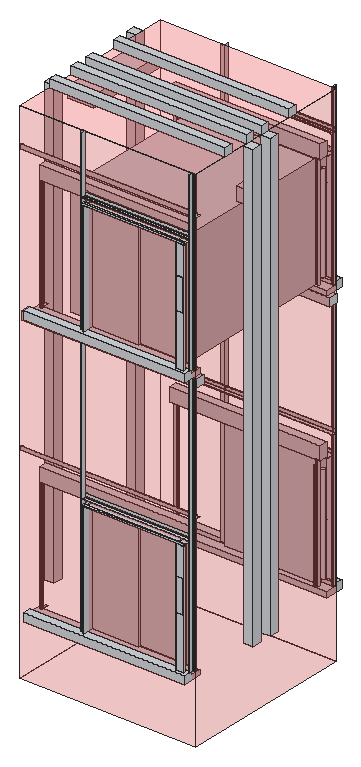
Revit family "TSF1500-2S-2方向", category 一般モデル, Revit 2018
Family settings
  鉄筋をホスト可能 = いいえ
  丸型コネクタ寸法 = 直径を使用
  パーツ タイプ = 標準
  作業面ベース = いいえ
  常に垂直 = はい
  ロード時にボイドで切り取り = いいえ
  共有 = いいえ
  部屋計算ポイント = いいえ
Parameters
  昇降行程 = 5000 mm
Reference planes
  plane 1 "レール芯": y = 0
  plane 2 "最下階FL": z = 0
  plane 3 "かご芯": x = 0
  plane 4: z = 5000
  plane 5 "ピット底面": z = -1250
  plane 6: z = 8250
  plane 7: z = 2540
Forms (mm)
  Extrusion 1, solid
    sketch origin (-115, 140, 0) x (1, 0, 0) y (0, 1, 0)
      loop
        line (-1765, 1725) -> (-1765, -1535) -> (1485, -1535) -> (1485, 1725) -> (-1765, 1725)
    from -1250 to 8250
  Extrusion 2, solid
    sketch origin (-188.849, -187.656, 5000) x (1, 0, 0) y (0, 1, 0)
      loop
        line (-941.151, 1842.656) -> (-941.151, -967.344) -> (1318.849, -967.344) -> (1318.849, 1842.656) -> (-941.151, 1842.656)
    from 0 to 2100
  Extrusion 3, solid
    sketch origin (-435.1, 4, 0) x (1, 0, 0) y (0, 1, 0)
      loop
        line (-1189.384, 890.997) -> (-1189.384, 260.997) -> (-753.884, 260.997) -> (-753.884, 890.997) -> (-1189.384, 890.997)
    from -1250 to -252.5
  Extrusion 4, solid
    sketch origin (-180.164, -13.256, 0) x (1, 0, 0) y (0, 1, 0)
      loop
        line (1550.164, 300.756) -> (1550.164, 125.756) -> (1725.164, 125.756) -> (1725.164, 300.756) -> (1550.164, 300.756)
    from 0 to 8250
  Extrusion 5, solid
    sketch origin (-180.164, -413.256, 0) x (1, 0, 0) y (0, 1, 0)
      loop
        line (1550.164, 300.756) -> (1550.164, 125.756) -> (1725.164, 125.756) -> (1725.164, 300.756) -> (1550.164, 300.756)
    from 0 to 8250
  Extrusion 6, solid
    sketch origin (593.997, 963.69, 0) x (1, 0, 0) y (0, 1, 0)
      loop
        line (-2648.997, 493.81) -> (-2648.997, 318.81) -> (-2473.997, 318.81) -> (-2473.997, 493.81) -> (-2648.997, 493.81)
    from 0 to 8250
  Extrusion 7, solid
    sketch origin (593.997, -936.31, 0) x (1, 0, 0) y (0, 1, 0)
      loop
        line (-2648.997, 493.81) -> (-2648.997, 318.81) -> (-2473.997, 318.81) -> (-2473.997, 493.81) -> (-2648.997, 493.81)
    from 0 to 8250
  Extrusion 8, solid
    sketch origin (388.648, -559, 7950) x (1, 0, 0) y (0, 1, 0)
      loop
        line (-2211.148, 1758) -> (-2211.148, 200) -> (-1738.648, 200) -> (-1738.648, 1758) -> (-2211.148, 1758)
    from 0 to 200
  Extrusion 9, solid
    sketch origin (-239.764, 1365.017, 7235) x (1, 0, 0) y (0, 1, 0)
      loop
        line (1413.764, -985.017) -> (1413.764, -1575.017) -> (1593.764, -1575.017) -> (1593.764, -985.017) -> (1413.764, -985.017)
    from 0 to 250
  Extrusion 10, solid
    sketch origin (0, -154.792, -183.066) x (0, 1, 0) y (0, 0, 1)
      loop
        line (279.792, 8583.066) -> (279.792, 8433.066) -> (429.792, 8433.066) -> (429.792, 8583.066) -> (279.792, 8583.066)
    from -1880 to 1370
  Extrusion 11, solid
    sketch origin (0, -494.792, -183.066) x (0, 1, 0) y (0, 0, 1)
      loop
        line (279.792, 8583.066) -> (279.792, 8433.066) -> (429.792, 8433.066) -> (429.792, 8583.066) -> (279.792, 8583.066)
    from -1880 to 1370
  Extrusion 12, solid
    sketch origin (0, -994.792, -183.066) x (0, 1, 0) y (0, 0, 1)
      loop
        line (279.792, 8583.066) -> (279.792, 8433.066) -> (429.792, 8433.066) -> (429.792, 8583.066) -> (279.792, 8583.066)
    from -1880 to 1370
  Extrusion 13, solid
    sketch origin (0, 485.208, -183.066) x (0, 1, 0) y (0, 0, 1)
      loop
        line (279.792, 8583.066) -> (279.792, 8433.066) -> (429.792, 8433.066) -> (429.792, 8583.066) -> (279.792, 8583.066)
    from -1880 to 1370
  Extrusion 14, solid
    sketch origin (0, -537.235, 116.596) x (0, 1, 0) y (0, 0, 1)
      loop
        line (-827.765, 4733.404) -> (-827.765, 4583.404) -> (-677.765, 4583.404) -> (-677.765, 4733.404) -> (-827.765, 4733.404)
    from -1880 to 1370
  Extrusion 15, solid
    sketch origin (27.352, -214.415, 0) x (1, 0, 0) y (0, 1, 0)
      loop
        arc (-734.852, -1180.585) -> (-728.842, -1183.075) -> (-726.352, -1189.085) r 8.5
        line (-726.352, -1189.085) -> (-726.352, -1240.585)
        arc (-726.352, -1240.585) -> (-724.595, -1244.828) -> (-720.352, -1246.585) r 6
        line (-720.352, -1246.585) -> (-717.352, -1246.585) -> (-717.352, -1171.585) -> (-792.352, -1171.585) -> (-792.352, -1174.585)
        arc (-792.352, -1174.585) -> (-790.595, -1178.828) -> (-786.352, -1180.585) r 6
        line (-786.352, -1180.585) -> (-734.852, -1180.585)
    from 0 to 4850
  Extrusion 16, solid
    sketch origin (572.648, -214.415, 5000) x (-1, 0, 0) y (0, -1, 0)
      loop
        arc (-786.352, 1180.585) -> (-790.595, 1178.828) -> (-792.352, 1174.585) r 6
        line (-792.352, 1174.585) -> (-792.352, 1171.585) -> (-717.352, 1171.585) -> (-717.352, 1246.585) -> (-720.352, 1246.585)
        arc (-720.352, 1246.585) -> (-724.595, 1244.828) -> (-726.352, 1240.585) r 6
        line (-726.352, 1240.585) -> (-726.352, 1189.085)
        arc (-726.352, 1189.085) -> (-728.842, 1183.075) -> (-734.852, 1180.585) r 8.5
        line (-734.852, 1180.585) -> (-786.352, 1180.585)
    from 0 to 3250
  Extrusion 17, solid
    sketch origin (27.352, -214.415, 5000) x (1, 0, 0) y (0, 1, 0)
      loop
        arc (-734.852, -1180.585) -> (-728.842, -1183.075) -> (-726.352, -1189.085) r 8.5
        line (-726.352, -1189.085) -> (-726.352, -1240.585)
        arc (-726.352, -1240.585) -> (-724.595, -1244.828) -> (-720.352, -1246.585) r 6
        line (-720.352, -1246.585) -> (-717.352, -1246.585) -> (-717.352, -1171.585) -> (-792.352, -1171.585) -> (-792.352, -1174.585)
        arc (-792.352, -1174.585) -> (-790.595, -1178.828) -> (-786.352, -1180.585) r 6
        line (-786.352, -1180.585) -> (-734.852, -1180.585)
    from 0 to 3250
  Extrusion 18, solid
    sketch origin (0, -3561.272, 935.614) x (0, 0, -1) y (0, 1, 0)
      loop
        arc (-1319.386, 2172.272) -> (-1317.628, 2168.029) -> (-1313.386, 2166.272) r 6
        line (-1313.386, 2166.272) -> (-1261.886, 2166.272)
        arc (-1261.886, 2166.272) -> (-1255.875, 2163.782) -> (-1253.386, 2157.772) r 8.5
        line (-1253.386, 2157.772) -> (-1253.386, 2106.272)
        arc (-1253.386, 2106.272) -> (-1251.628, 2102.029) -> (-1247.386, 2100.272) r 6
        line (-1247.386, 2100.272) -> (-1244.386, 2100.272) -> (-1244.386, 2175.272) -> (-1319.386, 2175.272) -> (-1319.386, 2172.272)
    from -690 to 1290
  Extrusion 19, solid
    sketch origin (0, -3561.272, 5935.614) x (0, 0, -1) y (0, 1, 0)
      loop
        line (-1244.386, 2100.272) -> (-1244.386, 2175.272) -> (-1319.386, 2175.272) -> (-1319.386, 2172.272)
        arc (-1319.386, 2172.272) -> (-1317.628, 2168.029) -> (-1313.386, 2166.272) r 6
        line (-1313.386, 2166.272) -> (-1261.886, 2166.272)
        arc (-1261.886, 2166.272) -> (-1255.875, 2163.782) -> (-1253.386, 2157.772) r 8.5
        line (-1253.386, 2157.772) -> (-1253.386, 2106.272)
        arc (-1253.386, 2106.272) -> (-1251.628, 2102.029) -> (-1247.386, 2100.272) r 6
        line (-1247.386, 2100.272) -> (-1244.386, 2100.272)
    from -690 to 1290
  Extrusion 20, solid
    sketch origin (0, 783.272, 6295.614) x (0, 0, -1) y (0, 1, 0)
      loop
        line (-1244.386, -2094.272) -> (-1247.386, -2094.272)
        arc (-1247.386, -2094.272) -> (-1251.628, -2096.029) -> (-1253.386, -2100.272) r 6
        line (-1253.386, -2100.272) -> (-1253.386, -2151.772)
        arc (-1253.386, -2151.772) -> (-1255.875, -2157.782) -> (-1261.886, -2160.272) r 8.5
        line (-1261.886, -2160.272) -> (-1313.386, -2160.272)
        arc (-1313.386, -2160.272) -> (-1317.628, -2162.029) -> (-1319.386, -2166.272) r 6
        line (-1319.386, -2166.272) -> (-1319.386, -2169.272) -> (-1244.386, -2169.272) -> (-1244.386, -2094.272)
    from -1880 to 1370
  Extrusion 21, solid
    sketch origin (572.648, -214.415, 0) x (-1, 0, 0) y (0, -1, 0)
      loop
        line (-734.852, 1180.585) -> (-786.352, 1180.585)
        arc (-786.352, 1180.585) -> (-790.595, 1178.828) -> (-792.352, 1174.585) r 6
        line (-792.352, 1174.585) -> (-792.352, 1171.585) -> (-717.352, 1171.585) -> (-717.352, 1246.585) -> (-720.352, 1246.585)
        arc (-720.352, 1246.585) -> (-724.595, 1244.828) -> (-726.352, 1240.585) r 6
        line (-726.352, 1240.585) -> (-726.352, 1189.085)
        arc (-726.352, 1189.085) -> (-728.842, 1183.075) -> (-734.852, 1180.585) r 8.5
    from 0 to 4850
  Extrusion 22, solid
    sketch origin (0, -200, 0) x (0, 1, 0) y (0, 0, 1)
      loop
        line (-1177, 2557.5) -> (-1177, 2609)
        arc (-1177, 2609) -> (-1178.757, 2613.243) -> (-1183, 2615) r 6
        line (-1183, 2615) -> (-1186, 2615) -> (-1186, 2540) -> (-1111, 2540) -> (-1111, 2543)
        arc (-1111, 2543) -> (-1112.757, 2547.243) -> (-1117, 2549) r 6
        line (-1117, 2549) -> (-1168.5, 2549)
        arc (-1168.5, 2549) -> (-1174.51, 2551.49) -> (-1177, 2557.5) r 8.5
    from -1880 to 1370
  Extrusion 23, solid
    sketch origin (0, 4031.272, 935.614) x (0, 0, -1) y (0, 1, 0)
      loop
        line (-1319.386, -2172.272) -> (-1319.386, -2175.272) -> (-1244.386, -2175.272) -> (-1244.386, -2100.272) -> (-1247.386, -2100.272)
        arc (-1247.386, -2100.272) -> (-1251.628, -2102.029) -> (-1253.386, -2106.272) r 6
        line (-1253.386, -2106.272) -> (-1253.386, -2157.772)
        arc (-1253.386, -2157.772) -> (-1255.875, -2163.782) -> (-1261.886, -2166.272) r 8.5
        line (-1261.886, -2166.272) -> (-1313.386, -2166.272)
        arc (-1313.386, -2166.272) -> (-1317.628, -2168.029) -> (-1319.386, -2172.272) r 6
    from -690 to 1290
  Extrusion 24, solid
    sketch origin (0, 670, 0) x (0, -1, 0) y (0, 0, -1)
      loop
        arc (-1177, -2557.5) -> (-1174.51, -2551.49) -> (-1168.5, -2549) r 8.5
        line (-1168.5, -2549) -> (-1117, -2549)
        arc (-1117, -2549) -> (-1112.757, -2547.243) -> (-1111, -2543) r 6
        line (-1111, -2543) -> (-1111, -2540) -> (-1186, -2540) -> (-1186, -2615) -> (-1183, -2615)
        arc (-1183, -2615) -> (-1178.757, -2613.243) -> (-1177, -2609) r 6
        line (-1177, -2609) -> (-1177, -2557.5)
    from -1880 to 1370
  Extrusion 25, solid
    sketch origin (572.648, 684.415, 5000) x (-1, 0, 0) y (0, -1, 0)
      loop
        line (-786.352, -1180.585) -> (-734.852, -1180.585)
        arc (-734.852, -1180.585) -> (-728.842, -1183.075) -> (-726.352, -1189.085) r 8.5
        line (-726.352, -1189.085) -> (-726.352, -1240.585)
        arc (-726.352, -1240.585) -> (-724.595, -1244.828) -> (-720.352, -1246.585) r 6
        line (-720.352, -1246.585) -> (-717.352, -1246.585) -> (-717.352, -1171.585) -> (-792.352, -1171.585) -> (-792.352, -1174.585)
        arc (-792.352, -1174.585) -> (-790.595, -1178.828) -> (-786.352, -1180.585) r 6
    from 0 to 3250
  Extrusion 26, solid
    sketch origin (27.352, 684.415, 5000) x (1, 0, 0) y (0, 1, 0)
      loop
        line (-734.852, 1180.585) -> (-786.352, 1180.585)
        arc (-786.352, 1180.585) -> (-790.595, 1178.828) -> (-792.352, 1174.585) r 6
        line (-792.352, 1174.585) -> (-792.352, 1171.585) -> (-717.352, 1171.585) -> (-717.352, 1246.585) -> (-720.352, 1246.585)
        arc (-720.352, 1246.585) -> (-724.595, 1244.828) -> (-726.352, 1240.585) r 6
        line (-726.352, 1240.585) -> (-726.352, 1189.085)
        arc (-726.352, 1189.085) -> (-728.842, 1183.075) -> (-734.852, 1180.585) r 8.5
    from 0 to 3250
  Extrusion 27, solid
    sketch origin (27.352, 684.415, 0) x (1, 0, 0) y (0, 1, 0)
      loop
        line (-734.852, 1180.585) -> (-786.352, 1180.585)
        arc (-786.352, 1180.585) -> (-790.595, 1178.828) -> (-792.352, 1174.585) r 6
        line (-792.352, 1174.585) -> (-792.352, 1171.585) -> (-717.352, 1171.585) -> (-717.352, 1246.585) -> (-720.352, 1246.585)
        arc (-720.352, 1246.585) -> (-724.595, 1244.828) -> (-726.352, 1240.585) r 6
        line (-726.352, 1240.585) -> (-726.352, 1189.085)
        arc (-726.352, 1189.085) -> (-728.842, 1183.075) -> (-734.852, 1180.585) r 8.5
    from 0 to 4700
  Extrusion 28, solid
    sketch origin (572.648, 684.415, 0) x (-1, 0, 0) y (0, -1, 0)
      loop
        arc (-734.852, -1180.585) -> (-728.842, -1183.075) -> (-726.352, -1189.085) r 8.5
        line (-726.352, -1189.085) -> (-726.352, -1240.585)
        arc (-726.352, -1240.585) -> (-724.595, -1244.828) -> (-720.352, -1246.585) r 6
        line (-720.352, -1246.585) -> (-717.352, -1246.585) -> (-717.352, -1171.585) -> (-792.352, -1171.585) -> (-792.352, -1174.585)
        arc (-792.352, -1174.585) -> (-790.595, -1178.828) -> (-786.352, -1180.585) r 6
        line (-786.352, -1180.585) -> (-734.852, -1180.585)
    from 0 to 4700
  Extrusion 29, solid
    sketch origin (0, 1037.235, 116.596) x (0, -1, 0) y (0, 0, -1)
      loop
        line (-827.765, -4733.404) -> (-677.765, -4733.404) -> (-677.765, -4583.404) -> (-827.765, -4583.404) -> (-827.765, -4733.404)
    from -1880 to 1370
  Extrusion 30, solid
    sketch origin (0, 4031.272, 5935.614) x (0, 0, -1) y (0, 1, 0)
      loop
        line (-1244.386, -2100.272) -> (-1247.386, -2100.272)
        arc (-1247.386, -2100.272) -> (-1251.628, -2102.029) -> (-1253.386, -2106.272) r 6
        line (-1253.386, -2106.272) -> (-1253.386, -2157.772)
        arc (-1253.386, -2157.772) -> (-1255.875, -2163.782) -> (-1261.886, -2166.272) r 8.5
        line (-1261.886, -2166.272) -> (-1313.386, -2166.272)
        arc (-1313.386, -2166.272) -> (-1317.628, -2168.029) -> (-1319.386, -2172.272) r 6
        line (-1319.386, -2172.272) -> (-1319.386, -2175.272) -> (-1244.386, -2175.272) -> (-1244.386, -2100.272)
    from -690 to 1290
  Extrusion 31, solid
    sketch origin (0, -313.272, 6295.614) x (0, 0, -1) y (0, 1, 0)
      loop
        line (-1244.386, 2094.272) -> (-1244.386, 2169.272) -> (-1319.386, 2169.272) -> (-1319.386, 2166.272)
        arc (-1319.386, 2166.272) -> (-1317.628, 2162.029) -> (-1313.386, 2160.272) r 6
        line (-1313.386, 2160.272) -> (-1261.886, 2160.272)
        arc (-1261.886, 2160.272) -> (-1255.875, 2157.782) -> (-1253.386, 2151.772) r 8.5
        line (-1253.386, 2151.772) -> (-1253.386, 2100.272)
        arc (-1253.386, 2100.272) -> (-1251.628, 2096.029) -> (-1247.386, 2094.272) r 6
        line (-1247.386, 2094.272) -> (-1244.386, 2094.272)
    from -1880 to 1370
Dimensions and locks
  "昇降行程": plane 4 to plane 2 "最下階FL"
  locked: plane 6 to plane 4 at 3250
  locked: Extrusion 2 to plane 4 at 2100
  locked: plane 6 to Extrusion 8 at 100
  locked: Extrusion 8 to Extrusion 8 at 200
  locked: Extrusion 2 to Extrusion 9 at 135
  locked: Extrusion 9 to Extrusion 9 at 250
  locked: plane 4 to Extrusion 21 at 150
  locked: Extrusion 18 to plane 2 "最下階FL" at 2180
  locked: Extrusion 19 to plane 4 at 2180
  locked: Extrusion 19 to Extrusion 20 at 360
  locked: plane 4 to Extrusion 28 at 300
  aligned and locked: level to plane 2 "最下階FL"
  aligned and locked: Extrusion 1 to plane 5 "ピット底面"
  aligned and locked: Extrusion 2 to plane 4
  aligned and locked: Extrusion 1 to Extrusion 3
  aligned and locked: Extrusion 5 to plane 2 "最下階FL"
  aligned and locked: Extrusion 4 to plane 2 "最下階FL"
  aligned and locked: Extrusion 1 to Extrusion 5
  aligned and locked: Extrusion 1 to Extrusion 4
  aligned and locked: Extrusion 6 to Extrusion 1
  aligned and locked: Extrusion 7 to Extrusion 1
  aligned and locked: Extrusion 4 to Extrusion 1
  aligned and locked: Extrusion 5 to Extrusion 1
  aligned and locked: Extrusion 6 to plane 2 "最下階FL"
  aligned and locked: Extrusion 7 to plane 2 "最下階FL"
  aligned and locked: Extrusion 1 to Extrusion 6
  aligned and locked: Extrusion 1 to Extrusion 7
  aligned and locked: plane 2 "最下階FL" to nested 1
  aligned and locked: plane 4 to nested 2
  aligned and locked: nested 1 to nested 2
  aligned and locked: Extrusion 10 to Extrusion 1
  aligned and locked: Extrusion 1 to Extrusion 10  (x2)
  aligned and locked: Extrusion 1 to Extrusion 12  (x2)
  aligned and locked: Extrusion 1 to Extrusion 13  (x2)
  aligned and locked: Extrusion 12 to Extrusion 1
  aligned and locked: Extrusion 11 to Extrusion 1
  aligned and locked: Extrusion 13 to Extrusion 1
  aligned and locked: Extrusion 1 to Extrusion 14  (x2)
  aligned and locked: Extrusion 1 to Extrusion 11  (x2)
  aligned and locked: Extrusion 16 to Extrusion 17
  aligned and locked: Extrusion 17 to plane 4
  aligned and locked: Extrusion 16 to plane 4
  aligned and locked: plane 6 to Extrusion 1
  aligned and locked: plane 6 to Extrusion 16
  aligned and locked: plane 6 to Extrusion 17
  aligned and locked: Extrusion 21 to Extrusion 15
  aligned and locked: Extrusion 25 to Extrusion 26
  aligned and locked: Extrusion 28 to Extrusion 27
  aligned and locked: nested 4 to plane 4
  aligned and locked: Extrusion 25 to plane 4
  aligned and locked: Extrusion 26 to plane 4
  aligned and locked: plane 6 to Extrusion 25
  aligned and locked: plane 6 to Extrusion 26
Automatic sketch dimensions
  Extrusion 1 sketch curve to plane 3 "かご芯" = 1880 mm
  plane 3 "かご芯" to Extrusion 1 sketch curve = 1370 mm
  plane 1 "レール芯" to Extrusion 1 sketch curve = 1395 mm
  Extrusion 1 sketch curve to plane 1 "レール芯" = 1865 mm
  Extrusion 2 sketch curve to plane 3 "かご芯" = 1130 mm
  plane 3 "かご芯" to Extrusion 2 sketch curve = 1130 mm
  plane 1 "レール芯" to Extrusion 2 sketch curve = 1155 mm
  Extrusion 2 sketch curve to plane 1 "レール芯" = 1655 mm
  Extrusion 3 sketch curve to plane 1 "レール芯" = 264.997 mm
  Extrusion 3 sketch curve to plane 3 "かご芯" = 1624.484 mm
  Extrusion 3 sketch curve to Extrusion 3 sketch curve = 435.5 mm
  Extrusion 3 sketch curve to Extrusion 3 sketch curve = 630 mm
  Extrusion 4 sketch curve to plane 1 "レール芯" = 112.5 mm
  plane 3 "かご芯" to Extrusion 4 sketch curve = 1370 mm
  Extrusion 4 sketch curve to Extrusion 4 sketch curve = 175 mm  (x2)
  plane 1 "レール芯" to Extrusion 5 sketch curve = 287.5 mm
  plane 3 "かご芯" to Extrusion 5 sketch curve = 1370 mm
  Extrusion 5 sketch curve to Extrusion 5 sketch curve = 175 mm
  plane 1 "レール芯" to Extrusion 5 sketch curve = 112.5 mm
  Extrusion 6 sketch curve to plane 3 "かご芯" = 2055 mm
  Extrusion 6 sketch curve to Extrusion 6 sketch curve = 175 mm  (x2)
  Extrusion 6 sketch curve to plane 1 "レール芯" = 1282.5 mm
  plane 1 "レール芯" to Extrusion 7 sketch curve = 617.5 mm
  Extrusion 7 sketch curve to plane 3 "かご芯" = 2055 mm
  Extrusion 7 sketch curve to Extrusion 7 sketch curve = 175 mm  (x2)
  plane 1 "レール芯" to Extrusion 8 sketch curve = 359 mm
  Extrusion 8 sketch curve to plane 3 "かご芯" = 1822.5 mm
  Extrusion 8 sketch curve to Extrusion 8 sketch curve = 472.5 mm
  Extrusion 8 sketch curve to plane 1 "レール芯" = 1199 mm
  plane 1 "レール芯" to Extrusion 9 sketch curve = 210 mm
  plane 3 "かご芯" to Extrusion 9 sketch curve = 1174 mm
  Extrusion 9 sketch curve to Extrusion 9 sketch curve = 180 mm
  Extrusion 9 sketch curve to plane 1 "レール芯" = 380 mm
  Extrusion 10 sketch curve to plane 6 = 0 mm
  Extrusion 10 sketch curve to plane 1 "レール芯" = 125 mm
  Extrusion 10 sketch curve to Extrusion 10 sketch curve = 150 mm  (x2)
  Extrusion 11 sketch curve to plane 6 = 0 mm
  plane 1 "レール芯" to Extrusion 11 sketch curve = 215 mm
  plane 1 "レール芯" to Extrusion 11 sketch curve = 65 mm
  Extrusion 11 sketch curve to Extrusion 11 sketch curve = 150 mm
  Extrusion 12 sketch curve to plane 6 = 0 mm
  plane 1 "レール芯" to Extrusion 12 sketch curve = 715 mm
  Extrusion 12 sketch curve to Extrusion 12 sketch curve = 150 mm  (x2)
  Extrusion 13 sketch curve to plane 6 = 0 mm
  Extrusion 13 sketch curve to plane 1 "レール芯" = 765 mm
  Extrusion 13 sketch curve to Extrusion 13 sketch curve = 150 mm  (x2)
  Extrusion 14 sketch curve to plane 4 = 300 mm
  plane 1 "レール芯" to Extrusion 14 sketch curve = 1365 mm
  Extrusion 14 sketch curve to Extrusion 14 sketch curve = 150 mm  (x2)
  Extrusion 15 sketch curve to plane 3 "かご芯" = 765 mm
  Extrusion 15 sketch curve to Extrusion 15 sketch curve = 6 mm  (x2)
  Extrusion 15 sketch curve to Extrusion 15 sketch curve = 51.5 mm  (x2)
  Extrusion 15 sketch curve to Extrusion 15 sketch curve = 8.5 mm
  Extrusion 15 sketch curve to Extrusion 15 sketch curve = 9 mm
  plane 1 "レール芯" to Extrusion 15 sketch curve = 1461 mm
  Extrusion 15 sketch curve to Extrusion 15 sketch curve = 17.5 mm
  Extrusion 16 sketch curve to plane 3 "かご芯" = 1365 mm
  Extrusion 16 sketch curve to Extrusion 16 sketch curve = 6 mm  (x2)
  Extrusion 16 sketch curve to Extrusion 16 sketch curve = 51.5 mm  (x2)
  Extrusion 16 sketch curve to Extrusion 16 sketch curve = 8.5 mm
  Extrusion 16 sketch curve to Extrusion 16 sketch curve = 3 mm  (x2)
  Extrusion 16 sketch curve to plane 1 "レール芯" = 1461 mm
  Extrusion 17 sketch curve to plane 3 "かご芯" = 765 mm
  Extrusion 17 sketch curve to Extrusion 17 sketch curve = 6 mm  (x2)
  Extrusion 17 sketch curve to Extrusion 17 sketch curve = 51.5 mm  (x2)
  Extrusion 17 sketch curve to Extrusion 17 sketch curve = 8.5 mm
  Extrusion 17 sketch curve to Extrusion 17 sketch curve = 9 mm
  plane 1 "レール芯" to Extrusion 17 sketch curve = 1461 mm
  Extrusion 17 sketch curve to Extrusion 17 sketch curve = 3 mm
  Extrusion 18 sketch curve to plane 7 = 285 mm
  Extrusion 18 sketch curve to Extrusion 18 sketch curve = 6 mm  (x2)
  Extrusion 18 sketch curve to Extrusion 18 sketch curve = 51.5 mm  (x2)
  Extrusion 18 sketch curve to Extrusion 18 sketch curve = 8.5 mm
  Extrusion 18 sketch curve to Extrusion 18 sketch curve = 9 mm
  plane 1 "レール芯" to Extrusion 18 sketch curve = 1461 mm
  Extrusion 18 sketch curve to Extrusion 18 sketch curve = 3 mm
  Extrusion 19 sketch curve to plane 6 = 995 mm
  Extrusion 19 sketch curve to Extrusion 19 sketch curve = 6 mm  (x2)
  Extrusion 19 sketch curve to Extrusion 19 sketch curve = 51.5 mm  (x2)
  Extrusion 19 sketch curve to Extrusion 19 sketch curve = 8.5 mm
  Extrusion 19 sketch curve to Extrusion 19 sketch curve = 9 mm
  plane 1 "レール芯" to Extrusion 19 sketch curve = 1461 mm
  Extrusion 19 sketch curve to Extrusion 19 sketch curve = 17.5 mm
  plane 6 to Extrusion 20 sketch curve = 635 mm
  Extrusion 20 sketch curve to Extrusion 20 sketch curve = 6 mm  (x2)
  Extrusion 20 sketch curve to Extrusion 20 sketch curve = 51.5 mm  (x2)
  Extrusion 20 sketch curve to Extrusion 20 sketch curve = 8.5 mm
  Extrusion 20 sketch curve to Extrusion 20 sketch curve = 9 mm
  Extrusion 20 sketch curve to plane 1 "レール芯" = 1311 mm
  Extrusion 20 sketch curve to Extrusion 20 sketch curve = 17.5 mm
  Extrusion 21 sketch curve to plane 3 "かご芯" = 1365 mm
  Extrusion 21 sketch curve to Extrusion 21 sketch curve = 6 mm  (x2)
  Extrusion 21 sketch curve to Extrusion 21 sketch curve = 51.5 mm  (x2)
  Extrusion 21 sketch curve to Extrusion 21 sketch curve = 8.5 mm
  Extrusion 21 sketch curve to Extrusion 21 sketch curve = 9 mm
  Extrusion 21 sketch curve to plane 1 "レール芯" = 1461 mm
  Extrusion 21 sketch curve to Extrusion 21 sketch curve = 3 mm
  Extrusion 22 sketch curve to plane 7 = 0 mm
  plane 1 "レール芯" to Extrusion 22 sketch curve = 1386 mm
  Extrusion 22 sketch curve to Extrusion 22 sketch curve = 3 mm
  Extrusion 22 sketch curve to Extrusion 22 sketch curve = 6 mm  (x2)
  Extrusion 22 sketch curve to Extrusion 22 sketch curve = 8.5 mm
  plane 7 to Extrusion 22 sketch curve = 3 mm
  Extrusion 22 sketch curve to Extrusion 22 sketch curve = 51.5 mm  (x2)
  plane 7 to Extrusion 23 sketch curve = 285 mm
  Extrusion 23 sketch curve to Extrusion 23 sketch curve = 6 mm  (x2)
  Extrusion 23 sketch curve to Extrusion 23 sketch curve = 51.5 mm  (x2)
  Extrusion 23 sketch curve to Extrusion 23 sketch curve = 8.5 mm
  Extrusion 23 sketch curve to Extrusion 23 sketch curve = 17.5 mm
  plane 1 "レール芯" to Extrusion 23 sketch curve = 1931 mm
  Extrusion 23 sketch curve to Extrusion 23 sketch curve = 3 mm
  plane 7 to Extrusion 24 sketch curve = 0 mm
  plane 1 "レール芯" to Extrusion 24 sketch curve = 1856 mm
  Extrusion 24 sketch curve to Extrusion 24 sketch curve = 3 mm
  Extrusion 24 sketch curve to Extrusion 24 sketch curve = 6 mm  (x2)
  Extrusion 24 sketch curve to Extrusion 24 sketch curve = 8.5 mm
  Extrusion 24 sketch curve to plane 7 = 3 mm
  Extrusion 24 sketch curve to Extrusion 24 sketch curve = 51.5 mm  (x2)
  plane 3 "かご芯" to Extrusion 25 sketch curve = 1365 mm
  Extrusion 25 sketch curve to Extrusion 25 sketch curve = 6 mm  (x2)
  Extrusion 25 sketch curve to Extrusion 25 sketch curve = 51.5 mm  (x2)
  Extrusion 25 sketch curve to Extrusion 25 sketch curve = 8.5 mm
  Extrusion 25 sketch curve to Extrusion 25 sketch curve = 3 mm  (x2)
  Extrusion 25 sketch curve to plane 1 "レール芯" = 1931 mm
  Extrusion 26 sketch curve to plane 3 "かご芯" = 765 mm
  Extrusion 26 sketch curve to Extrusion 26 sketch curve = 6 mm  (x2)
  Extrusion 26 sketch curve to Extrusion 26 sketch curve = 51.5 mm  (x2)
  Extrusion 26 sketch curve to Extrusion 26 sketch curve = 8.5 mm
  Extrusion 26 sketch curve to Extrusion 26 sketch curve = 9 mm
  Extrusion 26 sketch curve to plane 1 "レール芯" = 1856 mm
  Extrusion 26 sketch curve to Extrusion 26 sketch curve = 3 mm
  Extrusion 27 sketch curve to plane 3 "かご芯" = 765 mm
  Extrusion 27 sketch curve to Extrusion 27 sketch curve = 6 mm  (x2)
  Extrusion 27 sketch curve to Extrusion 27 sketch curve = 51.5 mm  (x2)
  Extrusion 27 sketch curve to Extrusion 27 sketch curve = 8.5 mm
  Extrusion 27 sketch curve to Extrusion 27 sketch curve = 9 mm
  Extrusion 27 sketch curve to plane 1 "レール芯" = 1856 mm
  Extrusion 27 sketch curve to Extrusion 27 sketch curve = 3 mm
  plane 3 "かご芯" to Extrusion 28 sketch curve = 1365 mm
  Extrusion 28 sketch curve to Extrusion 28 sketch curve = 6 mm  (x2)
  Extrusion 28 sketch curve to Extrusion 28 sketch curve = 51.5 mm  (x2)
  Extrusion 28 sketch curve to Extrusion 28 sketch curve = 8.5 mm
  Extrusion 28 sketch curve to Extrusion 28 sketch curve = 9 mm
  Extrusion 28 sketch curve to plane 1 "レール芯" = 1931 mm
  Extrusion 28 sketch curve to Extrusion 28 sketch curve = 3 mm
  plane 4 to Extrusion 29 sketch curve = 300 mm
  plane 1 "レール芯" to Extrusion 29 sketch curve = 1865 mm
  Extrusion 29 sketch curve to Extrusion 29 sketch curve = 150 mm
  plane 4 to Extrusion 29 sketch curve = 150 mm
  plane 6 to Extrusion 30 sketch curve = 995 mm
  Extrusion 30 sketch curve to Extrusion 30 sketch curve = 6 mm  (x2)
  Extrusion 30 sketch curve to Extrusion 30 sketch curve = 51.5 mm  (x2)
  Extrusion 30 sketch curve to Extrusion 30 sketch curve = 8.5 mm
  Extrusion 30 sketch curve to Extrusion 30 sketch curve = 17.5 mm
  plane 1 "レール芯" to Extrusion 30 sketch curve = 1931 mm
  Extrusion 30 sketch curve to Extrusion 30 sketch curve = 9 mm
  Extrusion 31 sketch curve to plane 6 = 635 mm
  Extrusion 31 sketch curve to Extrusion 31 sketch curve = 6 mm  (x2)
  Extrusion 31 sketch curve to Extrusion 31 sketch curve = 51.5 mm  (x2)
  Extrusion 31 sketch curve to Extrusion 31 sketch curve = 8.5 mm
  Extrusion 31 sketch curve to Extrusion 31 sketch curve = 9 mm
  Extrusion 31 sketch curve to plane 1 "レール芯" = 1781 mm
  Extrusion 31 sketch curve to Extrusion 31 sketch curve = 17.5 mm
Nested families
  nested 1: "2S" at (100, -1185, 0), type "2S(詳細レベル)"
    with 戸袋 965 mm, 出入口幅 1700 mm
  nested 2: "2S" at (100, -1185, 5000), type "2S(詳細レベル)"
    with 戸袋 965 mm, 出入口幅 1700 mm
  nested 3: "2S(背面)2" at (100, 1685, 0), type "2S 背面(詳細レベル)"
    with 戸袋 965 mm
  nested 4: "2S(背面)2" at (100, 1685, 5000), type "2S 背面(詳細レベル)"
    with 戸袋 965 mm
Definition of nested family "2S"
  Parameters (values of type "2S(詳細レベル)")
    戸袋 = 635 mm
    出入口高さ = 2100 mm
    出入口幅 = 1100 mm
  Types (2, lengths in mm): name | 戸袋 | 出入口幅
    2S(詳細レベル) | 635 | 1100
    2S 背面(詳細レベル) | 785 | 1700
  Reference planes
    plane 1 "敷居先端": y = 0
    plane 2 "FL": z = 0
    plane 3: x = 140
    plane 4 "出入口中心": x = 140
    plane 5 "出入口高さ": z = 2100
    plane 6: z = 2320
    plane 7: y = -145.5
    plane 8 "出入口幅右": x = 690
    plane 9 "出入口幅左": x = -410
    plane 10 "戸袋": x = -1045
    plane 11: x = 810
    plane 12: y = -76.6
    plane 13: z = 2173
    plane 14: z = -60
    plane 15: z = -150
    plane 16: x = 710
    plane 17: x = -490
    plane 18: x = 890
  Forms (mm)
    Extrusion 1, solid
      sketch origin (140, 0, 0) x (0, 1, 0) y (0, 0, 1)
        loop
          line (-102, 2116) -> (-134, 2116) -> (-134, 6) -> (-102, 6) -> (-102, 2116)
      from -570 to 15
    Extrusion 2, solid
      sketch origin (705, 38, 0) x (0, 1, 0) y (0, 0, 1)
        loop
          line (-102, 2116) -> (-134, 2116) -> (-134, 6) -> (-102, 6) -> (-102, 2116)
      from -580 to 5
    Extrusion 3, solid
      sketch origin (140, 0, -16) x (0, 1, 0) y (0, 0, 1)
        loop
          line (-145.5, 2366) -> (-145.5, 2116) -> (0, 2116) -> (0, 2366) -> (-145.5, 2366)
      from -1185 to 670
    Extrusion 4, solid
      sketch origin (0, 0, 130) x (1, 0, 0) y (0, 1, 0)
        loop
          circle (810, -76.6) r 35
      from 0 to 1800
    Extrusion 5, solid
      sketch origin (0, 0, 0) x (1, 0, 0) y (0, 1, 0)
        loop
          line (-440, -140) -> (-440, -141.6) -> (-411.6, -141.6) -> (-411.6, -318.4) -> (-438.4, -318.4) -> (-438.4, -290) -> (-440, -290) -> (-440, -320) -> (-410, -320) -> (-410, -140) -> (-440, -140)
      from 0 to 2100
    Extrusion 6, solid
      sketch origin (0, 0, 0) x (1, 0, 0) y (0, 1, 0)
        loop
          line (770, -30) -> (770, 0) -> (720, 0) -> (720, -102) -> (690, -102) -> (690, -320) -> (840, -320) -> (840, -290) -> (838.4, -290) -> (838.4, -318.4) -> (691.6, -318.4) -> (691.6, -103.6) -> (721.6, -103.6) -> (721.6, -1.6) -> (768.4, -1.6) -> (768.4, -30) -> (770, -30)
      from 0 to 2100
    Extrusion 7, solid
      sketch origin (140, 0, 0) x (0, 1, 0) y (0, 0, 1)
        loop
          line (-295, 2130) -> (-325, 2130) -> (-325, 2100) -> (-140, 2100) -> (-140, 2101.6) -> (-323.4, 2101.6) -> (-323.4, 2128.4) -> (-295, 2128.4) -> (-295, 2130)
      from -580 to 700
    Extrusion 8, solid
      sketch origin (140, 0, 1400) x (0, 1, 0) y (0, 0, 1)
        loop
          line (-64, -1394) -> (-0.972, -1394) -> (-0.972, 586) -> (-64, 586) -> (-64, -1394)
      from 545 to 570
    Extrusion 9, solid
      sketch origin (0, 0, 0) x (1, 0, 0) y (0, 1, 0)
        loop
          arc (-1032.5, -132.5) -> (-1037.096, -130.596) -> (-1039, -126) r 6.5
          line (-1039, -126) -> (-1039, -93)
          arc (-1039, -93) -> (-1040.318, -89.818) -> (-1043.5, -88.5) r 4.5
          line (-1043.5, -88.5) -> (-1045, -88.5) -> (-1045, -138.5) -> (-995, -138.5) -> (-995, -137)
          arc (-995, -137) -> (-996.318, -133.818) -> (-999.5, -132.5) r 4.5
          line (-999.5, -132.5) -> (-1032.5, -132.5)
      from 3 to 2100
    Extrusion 10, solid
      sketch origin (-1.904, 52.096, 0) x (1, 0, 0) y (0, 1, 0)
        loop
          line (-1037.096, -190.596) -> (-999.096, -190.596) -> (-999.096, -65.596) -> (-1037.096, -65.596) -> (-1037.096, -190.596)
      from 0 to 3
    Extrusion 11, solid
      sketch origin (140, 6.458, 0) x (0, 1, 0) y (0, 0, 1)
        loop
          line (-386.458, 0) -> (-386.458, -150) -> (-36.458, -150) -> (-36.458, 0) -> (-386.458, 0)
      from -1287.782 to 758.966
    Extrusion 12, void
      sketch origin (0, 0, 0) x (0, 1, 0) y (0, 0, 1)
        loop
          line (-230, 0) -> (-230, -60) -> (-30, -60) -> (-30, 0) -> (-230, 0)
      from -1147.782 to 898.966
    Extrusion 13, solid, detail levels coarse+medium
      sketch origin (0, 0, -20.5) x (1, 0, 0) y (0, 1, 0)
        loop
          line (-1045, 0) -> (-1045, -150) -> (710, -150) -> (710, 0) -> (-1045, 0)
      from 0 to 20.5
    Extrusion 14, solid
      sketch origin (10, 17, 962.5) x (1, 0, 0) y (0, 1, 0)
        loop
          line (690, -337) -> (690, -340) -> (820, -340) -> (820, -337) -> (690, -337)
      from 0 to 590
  Cuts and joins
    Extrusion 12 cuts Extrusion 11
  Lines and regions (mm)
    symbolic lines
      curve 1: line (140, -320, 2100) -> (140, -320, 0)
      curve 2: line (140, 0, 0) -> (140, -180, 0)
      curve 3: line (140, -140, 2100) -> (140, -140, 0)
      curve 4: line (-440, -320, 0) -> (-440, -290, 0)
      curve 5: line (-410, -320, 0) -> (-440, -320, 0)
      curve 6: line (-410, -140, 0) -> (-410, -320, 0)
      curve 7: line (-440, -140, 0) -> (-410, -140, 0)
      curve 14: line (770, 0, 0) -> (770, -30, 0)
      curve 15: line (720, 0, 0) -> (770, 0, 0)
      curve 16: line (720, -102, 0) -> (720, 0, 0)
      curve 17: line (690, -102, 0) -> (720, -102, 0)
      curve 18: line (690, -320, 0) -> (690, -102, 0)
      curve 19: line (840, -320, 0) -> (690, -320, 0)
      curve 20: line (840, -290, 0) -> (840, -320, 0)
      curve 29: line (140, -295, 2130) -> (140, -325, 2130)
      curve 30: line (140, -325, 2130) -> (140, -325, 2100)
      curve 31: line (140, -325, 2100) -> (140, -140, 2100)
      curve 37: line (140, -320, 0) -> (140, -140, 0)
    symbolic lines, detail levels coarse+fine
      curve 8: line (-438.4, -290, 0) -> (-440, -290, 0)
      curve 9: line (-438.4, -318.4, 0) -> (-438.4, -290, 0)
      curve 10: line (-411.6, -318.4, 0) -> (-438.4, -318.4, 0)
      curve 11: line (-411.6, -141.6, 0) -> (-411.6, -318.4, 0)
      curve 12: line (-440, -141.6, 0) -> (-411.6, -141.6, 0)
      curve 13: line (-440, -140, 0) -> (-440, -141.6, 0)
      curve 21: line (768.4, -30, 0) -> (770, -30, 0)
      curve 22: line (768.4, -1.6, 0) -> (768.4, -30, 0)
      curve 23: line (721.6, -1.6, 0) -> (768.4, -1.6, 0)
      curve 24: line (721.6, -103.6, 0) -> (721.6, -1.6, 0)
      curve 25: line (691.6, -318.4, 0) -> (691.6, -103.6, 0)
      curve 26: line (838.4, -318.4, 0) -> (691.6, -318.4, 0)
      curve 27: line (838.4, -290, 0) -> (838.4, -318.4, 0)
      curve 28: line (840, -290, 0) -> (838.4, -290, 0)
      curve 32: line (140, -295, 2130) -> (140, -295, 2128.4)
      curve 33: line (140, -295, 2128.4) -> (140, -323.4, 2128.4)
      curve 34: line (140, -323.4, 2128.4) -> (140, -323.4, 2101.6)
      curve 35: line (140, -323.4, 2101.6) -> (140, -140, 2101.6)
      curve 36: line (140, -140, 2101.6) -> (140, -140, 2100)
      curve 38: line (691.6, -103.6, 0) -> (721.6, -103.6, 0)
  Dimensions and locks
    "出入口高さ": plane 5 "出入口高さ" to level
    "出入口幅": plane 8 "出入口幅右" to plane 9 "出入口幅左"
    level to plane 14 = 60 mm
    equal spacing: plane 8 "出入口幅右", plane 4 "出入口中心", plane 9 "出入口幅左"
    locked: plane 8 "出入口幅右" to Extrusion 6 at 150
    "戸袋": plane 10 "戸袋" to plane 9 "出入口幅左"
    locked: plane 11 to plane 8 "出入口幅右" at 120
    locked: plane 8 "出入口幅右" to plane 16 at 20
    locked: Extrusion 1 to plane 9 "出入口幅左" at 20
    locked: cut or joined group of Extrusion 11, Extrusion 12 to plane 10 "戸袋" at 102.782
    locked: plane 8 "出入口幅右" to cut or joined group of Extrusion 11, Extrusion 12 at 208.966
    locked: Extrusion 7 to plane 9 "出入口幅左" at 30
    locked: Extrusion 3 to plane 5 "出入口高さ" at 250
    locked: Extrusion 8 to Extrusion 8 at 25
    locked: plane 17 to plane 9 "出入口幅左" at 80
    locked: plane 8 "出入口幅右" to plane 18 at 200
    aligned and locked: level to plane 2 "FL"
    aligned and locked: Extrusion 7 to plane 5 "出入口高さ"
    aligned and locked: plane 5 "出入口高さ" to Extrusion 6
    aligned and locked: Extrusion 3 to plane 5 "出入口高さ"  (x2)
    aligned and locked: plane 5 "出入口高さ" to Extrusion 5
    aligned and locked: plane 5 "出入口高さ" to Extrusion 9
    aligned and locked: Extrusion 3 to plane 10 "戸袋"
    aligned and locked: Extrusion 6 to Extrusion 7
    aligned and locked: plane 11 to Extrusion 3
    aligned and locked: Extrusion 8 to plane 16
    aligned and locked: Extrusion 2 to plane 16
    aligned and locked: cut or joined group of Extrusion 11, Extrusion 12 to cut or joined group of Extrusion 11, Extrusion 12
    aligned and locked: Extrusion 12 to Extrusion 11
    aligned and locked: Extrusion 11 to Extrusion 12
  Automatic sketch dimensions
    plane 12 to Extrusion 8 sketch curve = 12.6 mm
    plane 1 "敷居先端" to Extrusion 8 sketch curve = 0.972 mm
    level to Extrusion 8 sketch curve = 6 mm
    Extrusion 8 sketch curve to Extrusion 8 sketch curve = 1980 mm
    Extrusion 12 sketch curve to plane 14 = 0 mm
    Extrusion 12 sketch curve to level = 0 mm
    level to Extrusion 1 sketch curve = 6 mm
    Extrusion 1 sketch curve to plane 12 = 25.4 mm
    plane 5 "出入口高さ" to Extrusion 1 sketch curve = 16 mm
    Extrusion 2 sketch curve to plane 12 = 19.4 mm
    level to Extrusion 2 sketch curve = 6 mm
    plane 12 to Extrusion 2 sketch curve = 12.6 mm
    plane 5 "出入口高さ" to Extrusion 2 sketch curve = 16 mm
    Extrusion 3 sketch curve to plane 5 "出入口高さ" = 0 mm
    Extrusion 3 sketch curve to plane 7 = 0 mm
    Extrusion 3 sketch curve to plane 1 "敷居先端" = 0 mm
    plane 6 to Extrusion 3 sketch curve = 30 mm
    Extrusion 4 sketch curve to plane 11 = 0 mm
    Extrusion 4 sketch curve to plane 12 = 0 mm
    Extrusion 5 sketch curve to plane 9 "出入口幅左" = 0 mm
    Extrusion 5 sketch curve to plane 9 "出入口幅左" = 1.6 mm
    Extrusion 5 sketch curve to Extrusion 5 sketch curve = 26.8 mm
    Extrusion 5 sketch curve to Extrusion 5 sketch curve = 1.6 mm  (x3)
    Extrusion 5 sketch curve to Extrusion 5 sketch curve = 28.4 mm  (x2)
    Extrusion 6 sketch curve to plane 8 "出入口幅右" = 0 mm
    plane 1 "敷居先端" to Extrusion 6 sketch curve = 0 mm
    plane 8 "出入口幅右" to Extrusion 6 sketch curve = 1.6 mm
    Extrusion 6 sketch curve to plane 16 = 10 mm
    Extrusion 6 sketch curve to Extrusion 6 sketch curve = 1.6 mm  (x5)
    plane 1 "敷居先端" to Extrusion 6 sketch curve = 1.6 mm
    Extrusion 6 sketch curve to plane 11 = 41.6 mm
    plane 11 to Extrusion 6 sketch curve = 28.4 mm
    Extrusion 6 sketch curve to plane 12 = 27 mm
    Extrusion 7 sketch curve to plane 5 "出入口高さ" = 0 mm
    Extrusion 7 sketch curve to Extrusion 7 sketch curve = 1.6 mm  (x3)
    Extrusion 7 sketch curve to Extrusion 7 sketch curve = 26.8 mm
    Extrusion 9 sketch curve to plane 10 "戸袋" = 0 mm
    plane 10 "戸袋" to Extrusion 9 sketch curve = 1.5 mm
    plane 10 "戸袋" to Extrusion 9 sketch curve = 6 mm
    Extrusion 9 sketch curve to Extrusion 9 sketch curve = 6.5 mm
    Extrusion 9 sketch curve to Extrusion 9 sketch curve = 33 mm
    Extrusion 9 sketch curve to plane 12 = 16.4 mm
    plane 10 "戸袋" to Extrusion 10 sketch curve = 6 mm
    plane 1 "敷居先端" to Extrusion 10 sketch curve = 13.5 mm
    Extrusion 10 sketch curve to Extrusion 10 sketch curve = 38 mm
    Extrusion 11 sketch curve to plane 15 = 0 mm
    Extrusion 11 sketch curve to level = 0 mm
    Extrusion 13 sketch curve to plane 10 "戸袋" = 0 mm
    Extrusion 13 sketch curve to plane 16 = 0 mm
    plane 1 "敷居先端" to Extrusion 13 sketch curve = 0 mm
    Extrusion 13 sketch curve to plane 7 = 4.5 mm
    plane 8 "出入口幅右" to Extrusion 14 sketch curve = 10 mm
    plane 11 to Extrusion 14 sketch curve = 20 mm
    curve 6 to plane 9 "出入口幅左" = 0 mm
    curve 2 to plane 3 = 0 mm
    curve 17 to plane 8 "出入口幅右" = 0 mm
    plane 1 "敷居先端" to curve 15 = 0 mm
    plane 1 "敷居先端" to curve 2 = 0 mm
    curve 11 to plane 9 "出入口幅左" = 1.6 mm
    curve 10 to curve 10 = 26.8 mm
    curve 7 to curve 11 = 28.4 mm
    curve 5 to curve 9 = 1.6 mm
    plane 8 "出入口幅右" to curve 26 = 1.6 mm
    curve 15 to plane 16 = 10 mm
    curve 15 to curve 24 = 1.6 mm
    plane 1 "敷居先端" to curve 22 = 1.6 mm
    curve 22 to plane 11 = 41.6 mm
    curve 23 to curve 14 = 1.6 mm
    plane 11 to curve 26 = 28.4 mm
    curve 28 to curve 28 = 1.6 mm
    curve 13 to curve 7 = 1.6 mm
    curve 24 to plane 12 = 27 mm
    curve 25 to curve 17 = 1.6 mm
    curve 37 to level = 0 mm
    curve 1 to plane 5 "出入口高さ" = 0 mm
    curve 30 to curve 34 = 1.6 mm
    plane 5 "出入口高さ" to curve 36 = 1.6 mm
    curve 34 to curve 34 = 26.8 mm
    curve 33 to curve 29 = 1.6 mm
    plane 7 to curve 3 = 5.5 mm
    plane 7 to curve 11 = 3.9 mm
    plane 7 to Extrusion 1 sketch curve = 11.5 mm
    plane 7 to Extrusion 5 sketch curve = 3.9 mm
    plane 7 to Extrusion 7 sketch curve = 5.5 mm
    Extrusion 9 sketch curve to Extrusion 9 sketch curve = 4.5 mm
    plane 7 to Extrusion 9 sketch curve = 19.5 mm
    plane 7 to Extrusion 9 sketch curve = 7 mm
    plane 7 to Extrusion 10 sketch curve = 7 mm
    curve 2 to plane 7 = 34.5 mm
    curve 9 to curve 4 = 28.4 mm
    curve 26 to curve 27 = 28.4 mm
    Extrusion 6 sketch curve to Extrusion 6 sketch curve = 28.4 mm  (x2)
    Extrusion 12 sketch curve to plane 7 = 84.5 mm
    curve 29 to plane 7 = 149.5 mm
    curve 1 to plane 7 = 174.5 mm
    curve 34 to curve 32 = 28.4 mm
    curve 9 to plane 7 = 144.5 mm
    curve 28 to plane 7 = 144.5 mm
    curve 19 to curve 26 = 1.6 mm
    curve 6 to curve 10 = 1.6 mm
    Extrusion 5 sketch curve to plane 7 = 144.5 mm
    Extrusion 6 sketch curve to plane 7 = 144.5 mm
    Extrusion 7 sketch curve to plane 7 = 149.5 mm
    Extrusion 7 sketch curve to Extrusion 7 sketch curve = 28.4 mm
    Extrusion 11 sketch curve to plane 7 = 234.5 mm
    Extrusion 14 sketch curve to plane 7 = 177.5 mm
    Extrusion 14 sketch curve to Extrusion 14 sketch curve = 3 mm
    curve 21 to curve 22 = 28.4 mm
    plane 1 "敷居先端" to Extrusion 11 sketch curve = 30 mm
    plane 1 "敷居先端" to Extrusion 12 sketch curve = 30 mm
    radius of Extrusion 4 sketch curve = 35 mm
Definition of nested family "2S(背面)2"
  Parameters (values of type "2S(詳細レベル)")
    戸袋 = 635 mm
    出入口高さ = 2100 mm
    出入口幅 = 1100 mm
  Types (2, lengths in mm): name | 戸袋 | 出入口幅
    2S(詳細レベル) | 635 | 1100
    2S 背面(詳細レベル) | 785 | 1700
  Reference planes
    plane 1 "敷居先端": y = 0
    plane 2 "FL": z = 0
    plane 3: x = 140
    plane 4 "出入口中心": x = 140
    plane 5 "出入口高さ": z = 2100
    plane 6: z = 2320
    plane 7: y = -145.5
    plane 8 "出入口幅右": x = 690
    plane 9 "出入口幅左": x = -410
    plane 10 "戸袋": x = -1045
    plane 11: x = 810
    plane 12: y = -76.6
    plane 13: z = 2173
    plane 14: z = -60
    plane 15: z = -150
    plane 16: x = 710
    plane 17: x = -490
    plane 18: x = 890
  Forms (mm)
    Extrusion 1, solid
      sketch origin (140, 0, 0) x (0, 1, 0) y (0, 0, 1)
        loop
          line (-102, 2116) -> (-134, 2116) -> (-134, 6) -> (-102, 6) -> (-102, 2116)
      from -570 to 15
    Extrusion 2, solid
      sketch origin (705, 38, 0) x (0, 1, 0) y (0, 0, 1)
        loop
          line (-102, 2116) -> (-134, 2116) -> (-134, 6) -> (-102, 6) -> (-102, 2116)
      from -580 to 5
    Extrusion 3, solid
      sketch origin (140, 0, -16) x (0, 1, 0) y (0, 0, 1)
        loop
          line (-145.5, 2366) -> (-145.5, 2116) -> (0, 2116) -> (0, 2366) -> (-145.5, 2366)
      from -1185 to 670
    Extrusion 4, solid
      sketch origin (0, 0, 130) x (1, 0, 0) y (0, 1, 0)
        loop
          circle (810, -76.6) r 35
      from 0 to 1800
    Extrusion 5, solid
      sketch origin (0, 0, 0) x (1, 0, 0) y (0, 1, 0)
        loop
          line (-440, -140) -> (-440, -141.6) -> (-411.6, -141.6) -> (-411.6, -288.4) -> (-438.4, -288.4) -> (-438.4, -260) -> (-440, -260) -> (-440, -290) -> (-410, -290) -> (-410, -140) -> (-440, -140)
      from 0 to 2100
    Extrusion 6, solid
      sketch origin (0, 0, 0) x (1, 0, 0) y (0, 1, 0)
        loop
          line (770, -30) -> (770, 0) -> (720, 0) -> (720, -102) -> (690, -102) -> (690, -290) -> (840, -290) -> (840, -260) -> (838.4, -260) -> (838.4, -288.4) -> (691.6, -288.4) -> (691.6, -103.6) -> (721.6, -103.6) -> (721.6, -1.6) -> (768.4, -1.6) -> (768.4, -30) -> (770, -30)
      from 0 to 2100
    Extrusion 7, solid
      sketch origin (140, 0, 0) x (0, 1, 0) y (0, 0, 1)
        loop
          line (-265, 2130) -> (-295, 2130) -> (-295, 2100) -> (-140, 2100) -> (-140, 2101.6) -> (-293.4, 2101.6) -> (-293.4, 2128.4) -> (-265, 2128.4) -> (-265, 2130)
      from -580 to 700
    Extrusion 8, solid
      sketch origin (140, 0, 1400) x (0, 1, 0) y (0, 0, 1)
        loop
          line (-64, -1394) -> (-0.972, -1394) -> (-0.972, 586) -> (-64, 586) -> (-64, -1394)
      from 545 to 570
    Extrusion 9, solid
      sketch origin (0, 0, 0) x (1, 0, 0) y (0, 1, 0)
        loop
          arc (-1032.5, -132.5) -> (-1037.096, -130.596) -> (-1039, -126) r 6.5
          line (-1039, -126) -> (-1039, -93)
          arc (-1039, -93) -> (-1040.318, -89.818) -> (-1043.5, -88.5) r 4.5
          line (-1043.5, -88.5) -> (-1045, -88.5) -> (-1045, -138.5) -> (-995, -138.5) -> (-995, -137)
          arc (-995, -137) -> (-996.318, -133.818) -> (-999.5, -132.5) r 4.5
          line (-999.5, -132.5) -> (-1032.5, -132.5)
      from 3 to 2100
    Extrusion 10, solid
      sketch origin (-1.904, 52.096, 0) x (1, 0, 0) y (0, 1, 0)
        loop
          line (-1037.096, -190.596) -> (-999.096, -190.596) -> (-999.096, -65.596) -> (-1037.096, -65.596) -> (-1037.096, -190.596)
      from 0 to 3
    Extrusion 11, solid
      sketch origin (140, 6.458, 0) x (0, 1, 0) y (0, 0, 1)
        loop
          line (-386.458, 0) -> (-386.458, -150) -> (-36.458, -150) -> (-36.458, 0) -> (-386.458, 0)
      from -1287.782 to 758.966
    Extrusion 12, void
      sketch origin (0, 0, 0) x (0, 1, 0) y (0, 0, 1)
        loop
          line (-230, 0) -> (-230, -60) -> (-30, -60) -> (-30, 0) -> (-230, 0)
      from -1147.782 to 898.966
    Extrusion 13, solid, detail levels coarse+medium
      sketch origin (0, 0, -20.5) x (1, 0, 0) y (0, 1, 0)
        loop
          line (-1045, 0) -> (-1045, -150) -> (710, -150) -> (710, 0) -> (-1045, 0)
      from 0 to 20.5
    Extrusion 14, solid
      sketch origin (10, 47, 962.5) x (1, 0, 0) y (0, 1, 0)
        loop
          line (690, -337) -> (690, -340) -> (820, -340) -> (820, -337) -> (690, -337)
      from 0 to 590
  Cuts and joins
    Extrusion 12 cuts Extrusion 11
  Lines and regions (mm)
    symbolic lines
      curve 1: line (140, -280, 2100) -> (140, -280, 0)
      curve 2: line (140, 0, 0) -> (140, -180, 0)
      curve 3: line (140, -140, 2100) -> (140, -140, 0)
      curve 4: line (-440, -290, 0) -> (-440, -260, 0)
      curve 5: line (-410, -290, 0) -> (-440, -290, 0)
      curve 6: line (-410, -140, 0) -> (-410, -290, 0)
      curve 7: line (-440, -140, 0) -> (-410, -140, 0)
      curve 14: line (770, 0, 0) -> (770, -30, 0)
      curve 15: line (720, 0, 0) -> (770, 0, 0)
      curve 16: line (720, -102, 0) -> (720, 0, 0)
      curve 17: line (690, -102, 0) -> (720, -102, 0)
      curve 18: line (690, -290, 0) -> (690, -102, 0)
      curve 19: line (840, -290, 0) -> (690, -290, 0)
      curve 20: line (840, -260, 0) -> (840, -290, 0)
      curve 29: line (140, -265, 2130) -> (140, -295, 2130)
      curve 30: line (140, -295, 2130) -> (140, -295, 2100)
      curve 31: line (140, -295, 2100) -> (140, -140, 2100)
      curve 37: line (140, -280, 0) -> (140, -140, 0)
    symbolic lines, detail levels coarse+fine
      curve 8: line (-438.4, -260, 0) -> (-440, -260, 0)
      curve 9: line (-438.4, -288.4, 0) -> (-438.4, -260, 0)
      curve 10: line (-411.6, -288.4, 0) -> (-438.4, -288.4, 0)
      curve 11: line (-411.6, -141.6, 0) -> (-411.6, -288.4, 0)
      curve 12: line (-440, -141.6, 0) -> (-411.6, -141.6, 0)
      curve 13: line (-440, -140, 0) -> (-440, -141.6, 0)
      curve 21: line (768.4, -30, 0) -> (770, -30, 0)
      curve 22: line (768.4, -1.6, 0) -> (768.4, -30, 0)
      curve 23: line (721.6, -1.6, 0) -> (768.4, -1.6, 0)
      curve 24: line (721.6, -103.6, 0) -> (721.6, -1.6, 0)
      curve 25: line (691.6, -288.4, 0) -> (691.6, -103.6, 0)
      curve 26: line (838.4, -288.4, 0) -> (691.6, -288.4, 0)
      curve 27: line (838.4, -260, 0) -> (838.4, -288.4, 0)
      curve 28: line (840, -260, 0) -> (838.4, -260, 0)
      curve 32: line (140, -265, 2130) -> (140, -265, 2128.4)
      curve 33: line (140, -265, 2128.4) -> (140, -293.4, 2128.4)
      curve 34: line (140, -293.4, 2128.4) -> (140, -293.4, 2101.6)
      curve 35: line (140, -293.4, 2101.6) -> (140, -140, 2101.6)
      curve 36: line (140, -140, 2101.6) -> (140, -140, 2100)
      curve 38: line (691.6, -103.6, 0) -> (721.6, -103.6, 0)
  Dimensions and locks
    "出入口高さ": plane 5 "出入口高さ" to level
    "出入口幅": plane 8 "出入口幅右" to plane 9 "出入口幅左"
    level to plane 14 = 60 mm
    equal spacing: plane 8 "出入口幅右", plane 4 "出入口中心", plane 9 "出入口幅左"
    locked: plane 8 "出入口幅右" to Extrusion 6 at 150
    "戸袋": plane 10 "戸袋" to plane 9 "出入口幅左"
    locked: plane 11 to plane 8 "出入口幅右" at 120
    locked: plane 8 "出入口幅右" to plane 16 at 20
    locked: Extrusion 1 to plane 9 "出入口幅左" at 20
    locked: cut or joined group of Extrusion 11, Extrusion 12 to plane 10 "戸袋" at 102.782
    locked: plane 8 "出入口幅右" to cut or joined group of Extrusion 11, Extrusion 12 at 208.966
    locked: Extrusion 7 to plane 9 "出入口幅左" at 30
    locked: Extrusion 3 to plane 5 "出入口高さ" at 250
    locked: Extrusion 8 to Extrusion 8 at 25
    locked: plane 17 to plane 9 "出入口幅左" at 80
    locked: plane 8 "出入口幅右" to plane 18 at 200
    aligned and locked: level to plane 2 "FL"
    aligned and locked: Extrusion 7 to plane 5 "出入口高さ"
    aligned and locked: plane 5 "出入口高さ" to Extrusion 6
    aligned and locked: Extrusion 3 to plane 5 "出入口高さ"  (x2)
    aligned and locked: plane 5 "出入口高さ" to Extrusion 5
    aligned and locked: plane 5 "出入口高さ" to Extrusion 9
    aligned and locked: Extrusion 3 to plane 10 "戸袋"
    aligned and locked: Extrusion 6 to Extrusion 7
    aligned and locked: plane 11 to Extrusion 3
    aligned and locked: Extrusion 8 to plane 16
    aligned and locked: Extrusion 2 to plane 16
    aligned and locked: cut or joined group of Extrusion 11, Extrusion 12 to cut or joined group of Extrusion 11, Extrusion 12
    aligned and locked: Extrusion 12 to Extrusion 11
    aligned and locked: Extrusion 11 to Extrusion 12
  Automatic sketch dimensions
    plane 12 to Extrusion 8 sketch curve = 12.6 mm
    plane 1 "敷居先端" to Extrusion 8 sketch curve = 0.972 mm
    level to Extrusion 8 sketch curve = 6 mm
    Extrusion 8 sketch curve to Extrusion 8 sketch curve = 1980 mm
    Extrusion 12 sketch curve to plane 14 = 0 mm
    Extrusion 12 sketch curve to level = 0 mm
    level to Extrusion 1 sketch curve = 6 mm
    Extrusion 1 sketch curve to plane 12 = 25.4 mm
    plane 5 "出入口高さ" to Extrusion 1 sketch curve = 16 mm
    Extrusion 2 sketch curve to plane 12 = 19.4 mm
    level to Extrusion 2 sketch curve = 6 mm
    plane 12 to Extrusion 2 sketch curve = 12.6 mm
    plane 5 "出入口高さ" to Extrusion 2 sketch curve = 16 mm
    Extrusion 3 sketch curve to plane 5 "出入口高さ" = 0 mm
    Extrusion 3 sketch curve to plane 7 = 0 mm
    Extrusion 3 sketch curve to plane 1 "敷居先端" = 0 mm
    plane 6 to Extrusion 3 sketch curve = 30 mm
    Extrusion 4 sketch curve to plane 11 = 0 mm
    Extrusion 4 sketch curve to plane 12 = 0 mm
    Extrusion 5 sketch curve to plane 9 "出入口幅左" = 0 mm
    Extrusion 5 sketch curve to plane 9 "出入口幅左" = 1.6 mm
    Extrusion 5 sketch curve to Extrusion 5 sketch curve = 26.8 mm
    Extrusion 5 sketch curve to Extrusion 5 sketch curve = 1.6 mm  (x3)
    Extrusion 5 sketch curve to Extrusion 5 sketch curve = 28.4 mm  (x2)
    Extrusion 6 sketch curve to plane 8 "出入口幅右" = 0 mm
    plane 1 "敷居先端" to Extrusion 6 sketch curve = 0 mm
    plane 8 "出入口幅右" to Extrusion 6 sketch curve = 1.6 mm
    Extrusion 6 sketch curve to plane 16 = 10 mm
    Extrusion 6 sketch curve to Extrusion 6 sketch curve = 1.6 mm  (x5)
    plane 1 "敷居先端" to Extrusion 6 sketch curve = 1.6 mm
    Extrusion 6 sketch curve to plane 11 = 41.6 mm
    plane 11 to Extrusion 6 sketch curve = 28.4 mm
    Extrusion 6 sketch curve to plane 12 = 27 mm
    Extrusion 7 sketch curve to plane 5 "出入口高さ" = 0 mm
    Extrusion 7 sketch curve to Extrusion 7 sketch curve = 1.6 mm  (x3)
    Extrusion 7 sketch curve to Extrusion 7 sketch curve = 26.8 mm
    Extrusion 9 sketch curve to plane 10 "戸袋" = 0 mm
    plane 10 "戸袋" to Extrusion 9 sketch curve = 1.5 mm
    plane 10 "戸袋" to Extrusion 9 sketch curve = 6 mm
    Extrusion 9 sketch curve to Extrusion 9 sketch curve = 6.5 mm
    Extrusion 9 sketch curve to Extrusion 9 sketch curve = 33 mm
    Extrusion 9 sketch curve to plane 12 = 16.4 mm
    plane 10 "戸袋" to Extrusion 10 sketch curve = 6 mm
    plane 1 "敷居先端" to Extrusion 10 sketch curve = 13.5 mm
    Extrusion 10 sketch curve to Extrusion 10 sketch curve = 38 mm
    Extrusion 11 sketch curve to plane 15 = 0 mm
    Extrusion 11 sketch curve to level = 0 mm
    Extrusion 13 sketch curve to plane 10 "戸袋" = 0 mm
    Extrusion 13 sketch curve to plane 16 = 0 mm
    plane 1 "敷居先端" to Extrusion 13 sketch curve = 0 mm
    Extrusion 13 sketch curve to plane 7 = 4.5 mm
    plane 8 "出入口幅右" to Extrusion 14 sketch curve = 10 mm
    plane 11 to Extrusion 14 sketch curve = 20 mm
    curve 6 to plane 9 "出入口幅左" = 0 mm
    curve 2 to plane 3 = 0 mm
    curve 17 to plane 8 "出入口幅右" = 0 mm
    plane 1 "敷居先端" to curve 15 = 0 mm
    plane 1 "敷居先端" to curve 2 = 0 mm
    curve 11 to plane 9 "出入口幅左" = 1.6 mm
    curve 10 to curve 10 = 26.8 mm
    curve 7 to curve 11 = 28.4 mm
    curve 5 to curve 9 = 1.6 mm
    plane 8 "出入口幅右" to curve 26 = 1.6 mm
    curve 15 to plane 16 = 10 mm
    curve 15 to curve 24 = 1.6 mm
    plane 1 "敷居先端" to curve 22 = 1.6 mm
    curve 22 to plane 11 = 41.6 mm
    curve 23 to curve 14 = 1.6 mm
    plane 11 to curve 26 = 28.4 mm
    curve 28 to curve 28 = 1.6 mm
    curve 13 to curve 7 = 1.6 mm
    curve 24 to plane 12 = 27 mm
    curve 25 to curve 17 = 1.6 mm
    curve 37 to level = 0 mm
    curve 1 to plane 5 "出入口高さ" = 0 mm
    curve 30 to curve 34 = 1.6 mm
    plane 5 "出入口高さ" to curve 36 = 1.6 mm
    curve 34 to curve 34 = 26.8 mm
    curve 33 to curve 29 = 1.6 mm
    plane 7 to curve 3 = 5.5 mm
    plane 7 to curve 11 = 3.9 mm
    plane 7 to Extrusion 1 sketch curve = 11.5 mm
    plane 7 to Extrusion 5 sketch curve = 3.9 mm
    plane 7 to Extrusion 7 sketch curve = 5.5 mm
    Extrusion 9 sketch curve to Extrusion 9 sketch curve = 4.5 mm
    plane 7 to Extrusion 9 sketch curve = 19.5 mm
    plane 7 to Extrusion 9 sketch curve = 7 mm
    plane 7 to Extrusion 10 sketch curve = 7 mm
    curve 2 to plane 7 = 34.5 mm
    curve 9 to curve 4 = 28.4 mm
    curve 26 to curve 27 = 28.4 mm
    Extrusion 6 sketch curve to Extrusion 6 sketch curve = 28.4 mm  (x2)
    Extrusion 12 sketch curve to plane 7 = 84.5 mm
    curve 29 to plane 7 = 119.5 mm
    curve 1 to plane 7 = 134.5 mm
    curve 34 to curve 32 = 28.4 mm
    curve 9 to plane 7 = 114.5 mm
    curve 28 to plane 7 = 114.5 mm
    curve 19 to curve 26 = 1.6 mm
    curve 6 to curve 10 = 1.6 mm
    Extrusion 5 sketch curve to plane 7 = 114.5 mm
    Extrusion 6 sketch curve to plane 7 = 114.5 mm
    Extrusion 7 sketch curve to plane 7 = 119.5 mm
    Extrusion 7 sketch curve to Extrusion 7 sketch curve = 28.4 mm
    Extrusion 11 sketch curve to plane 7 = 234.5 mm
    Extrusion 14 sketch curve to plane 7 = 147.5 mm
    Extrusion 14 sketch curve to Extrusion 14 sketch curve = 3 mm
    curve 21 to curve 22 = 28.4 mm
    plane 1 "敷居先端" to Extrusion 11 sketch curve = 30 mm
    plane 1 "敷居先端" to Extrusion 12 sketch curve = 30 mm
    radius of Extrusion 4 sketch curve = 35 mm
